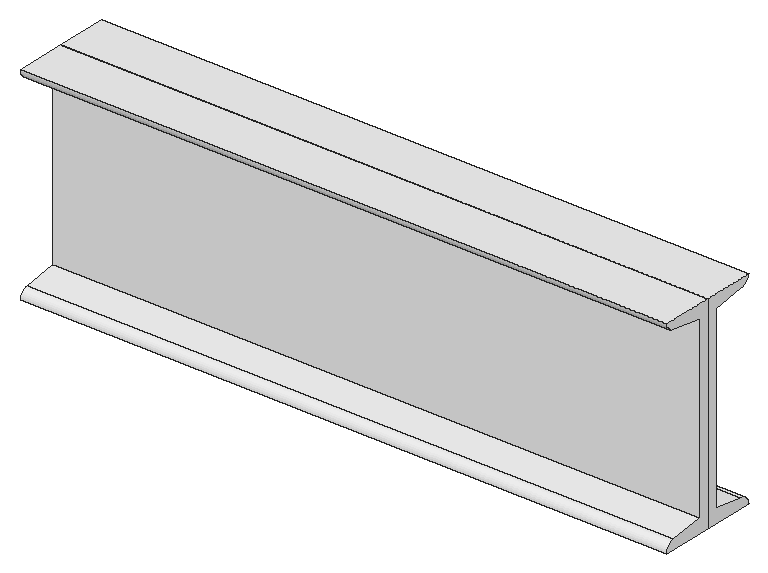
Revit family
Parameters (values of type "2C380X74")
  Start Extension Calculation [instance] = 3012.5 mm + Start Extension  # 3000 mm
  Start Extension [instance] = -12.5 mm
  End Extension Calculation [instance] = 3012.5 mm + End Extension  # 3000 mm
  End Extension [instance] = -12.5 mm
  Beam Material [instance] = Metal - Steel - 345 MPa
  A = 19000.00 mm²
  Assembly Code = "B10"
  Length [instance] = 1500 mm
  Space = 0 mm
  W = 1.46
  bf = 94.4 mm
  d = 381 mm
  tf = 16.5 mm
  tw = 18.2 mm
Reference planes
  plane 1 "Center (Front/Back)": y = 0
  plane 2: z = 0
  plane 3 "Center (Left/Right)": x = 4.61
  plane 4 "Member Left": x = -706.59
  plane 5 "Member Right": x = 487.21
  plane 6: y = 94.4
  plane 7: y = -94.4
  plane 8: z = -190.5
  plane 9: y = 0
  plane 10: y = 0
  plane 11 "Left": x = -871.69
  plane 12 "Right": x = 628.31
  plane 13: x = -706.59
  plane 14: x = 487.21
  plane 15: x = 2293.41
  plane 16: x = -2512.79
  plane 17: z = 190.5
Forms (mm)
  Sweep 1, solid, material "Metal - Steel - 345 MPa" <- "Beam Material", detail levels fine
    path origin (0, 0, 0) x (1, 0, 0) y (0, 1, 0)
      loop
        line (487.21, 0) -> (-706.59, 0)
    profile "M_Double C-Channel-Profile-Fine : M_Double C-Channel-Profile-Fine" origin (-109.69, 0, 0) x (0, -1, 0) y (0, 0, 1)
      loop
        line (0, -190.5) -> (94.4, -190.5)
        arc (94.4, -190.5) -> (89.567, -178.833) -> (77.9, -174) r 16.5
        line (77.9, -174) -> (18.2, -164.544) -> (18.2, 164.544) -> (77.9, 174)
        arc (77.9, 174) -> (89.567, 178.833) -> (94.4, 190.5) r 16.5
        line (94.4, 190.5) -> (0, 190.5) -> (0, -190.5)
  Sweep 2, solid, material "Metal - Steel - 345 MPa" <- "Beam Material", detail levels medium
    path origin (0, 0, 0) x (1, 0, 0) y (0, 1, 0)
      loop
        line (487.21, 0) -> (-706.59, 0)
    profile "M_Double C-Channel-Profile-Medium : M_Double C-Channel-Profile-Medium" origin (-109.69, 0, 0) x (0, -1, 0) y (0, 0, 1)
      loop
        line (0, -190.5) -> (0, 190.5) -> (-94.4, 190.5) -> (-94.4, 174) -> (-18.2, 161.931) -> (-18.2, -161.931) -> (-94.4, -174) -> (-94.4, -190.5) -> (0, -190.5)
  Sweep 3, solid, material "Metal - Steel - 345 MPa" <- "Beam Material", detail levels fine
    path origin (0, 0, 0) x (1, 0, 0) y (0, -1, 0)
      loop
        line (487.21, 0) -> (-706.59, 0)
    profile "M_Double C-Channel-Profile-Fine : M_Double C-Channel-Profile-Fine" origin (-109.69, 0, 0) x (0, -1, 0) y (0, 0, 1)
      loop
        line (0, -190.5) -> (0, 190.5) -> (-94.4, 190.5)
        arc (-94.4, 190.5) -> (-89.567, 178.833) -> (-77.9, 174) r 16.5
        line (-77.9, 174) -> (-18.2, 164.544) -> (-18.2, -164.544) -> (-77.9, -174)
        arc (-77.9, -174) -> (-89.567, -178.833) -> (-94.4, -190.5) r 16.5
        line (-94.4, -190.5) -> (0, -190.5)
  Sweep 4, solid, material "Metal - Steel - 345 MPa" <- "Beam Material", detail levels medium
    path origin (0, 0, 0) x (1, 0, 0) y (0, -1, 0)
      loop
        line (487.21, 0) -> (-706.59, 0)
    profile "M_Double C-Channel-Profile-Medium : M_Double C-Channel-Profile-Medium" origin (-109.69, 0, 0) x (0, -1, 0) y (0, 0, 1)
      loop
        line (0, -190.5) -> (94.4, -190.5) -> (94.4, -174) -> (18.2, -161.931) -> (18.2, 161.931) -> (94.4, 174) -> (94.4, 190.5) -> (0, 190.5) -> (0, -190.5)
Lines and regions (mm)
  symbolic lines, style "Hidden Faces", detail levels medium+fine
    curve 1: line (-706.59, 18.2, 0) -> (487.21, 18.2, 0)
    curve 2: line (-706.59, -18.2, 0) -> (487.21, -18.2, 0)
  symbolic lines, style "Stick Symbols", detail levels coarse
    curve 3: line (4.61, 0, -190.5) -> (4.61, 0, 190.5)
    curve 4: line (4.61, 0, 190.5) -> (4.61, 94.4, 190.5)
    curve 5: line (4.61, 0, 190.5) -> (4.61, -94.4, 190.5)
    curve 6: line (4.61, 0, -190.5) -> (4.61, 0, 190.5)
    curve 7: line (4.61, 0, -190.5) -> (4.61, 94.4, -190.5)
    curve 8: line (4.61, 0, -190.5) -> (4.61, -94.4, -190.5)
Dimensions and locks
  equal spacing: plane 9, plane 1 "Center (Front/Back)", plane 10
  "bf": plane 10 to plane 7
  "bf": plane 6 to plane 9
  "Space": plane 9 to plane 10
  "Length": plane 11 "Left" to plane 12 "Right"
  plane 4 "Member Left" to plane 15 = 3000 mm
  plane 16 to plane 5 "Member Right" = 3000 mm
  "End Extension Calculation": plane 16 to plane 14
  "Start Extension Calculation": plane 13 to plane 15
  equal spacing: plane 17, level, plane 8
  "d": plane 17 to plane 8
  "tw": curve 2 to plane 10
  "tw": plane 9 to curve 1
  aligned and locked: Sweep 1 sketch curve to plane 1 "Center (Front/Back)"
  aligned and locked: Sweep 2 sketch curve to plane 1 "Center (Front/Back)"
  aligned and locked: curve 3 to Sweep 2
  aligned and locked: Sweep 2 to curve 4
  aligned and locked: plane 13 to Sweep 2 sketch curve
  aligned and locked: plane 14 to Sweep 2 sketch curve
  aligned and locked: plane 13 to Sweep 1 sketch curve
  aligned and locked: plane 14 to Sweep 1 sketch curve
  aligned and locked: plane 13 to curve 1
  aligned and locked: plane 13 to curve 2
  aligned and locked: plane 14 to curve 1
  aligned and locked: plane 14 to curve 2
  aligned and locked: plane 2 to level
  aligned and locked: plane 6 to curve 4
  aligned and locked: plane 17 to Sweep 2
  aligned and locked: plane 8 to Sweep 2
  aligned and locked: plane 6 to Sweep 2  (x4)
  aligned and locked: Sweep 2 to plane 9
  aligned and locked: plane 9 to curve 4
  aligned and locked: plane 10 to curve 5
  aligned and locked: plane 7 to curve 5
  aligned and locked: curve 6 to plane 10
  aligned and locked: plane 17 to curve 6
  aligned and locked: curve 7 to plane 8
  aligned and locked: plane 8 to curve 8
  aligned and locked: plane 7 to curve 8
  aligned and locked: plane 6 to curve 7
  aligned and locked: plane 13 to Sweep 1
  aligned and locked: plane 13 to Sweep 2
  aligned and locked: plane 14 to Sweep 1  (x2)
  aligned and locked: plane 14 to Sweep 2  (x2)
  aligned and locked: Sweep 2 to plane 13
  aligned and locked: plane 13 to Sweep 4
  aligned and locked: plane 14 to Sweep 4
  aligned and locked: Sweep 1 to plane 13
  aligned and locked: plane 13 to Sweep 3
  aligned and locked: plane 14 to Sweep 3
Automatic sketch dimensions
  Sweep 3 sketch curve to plane 1 "Center (Front/Back)" = 0 mm
  Sweep 3 sketch curve to plane 13 = 0 mm
  Sweep 3 sketch curve to plane 14 = 0 mm
  Sweep 4 sketch curve to plane 1 "Center (Front/Back)" = 0 mm
  Sweep 4 sketch curve to plane 13 = 0 mm
  Sweep 4 sketch curve to plane 14 = 0 mm
